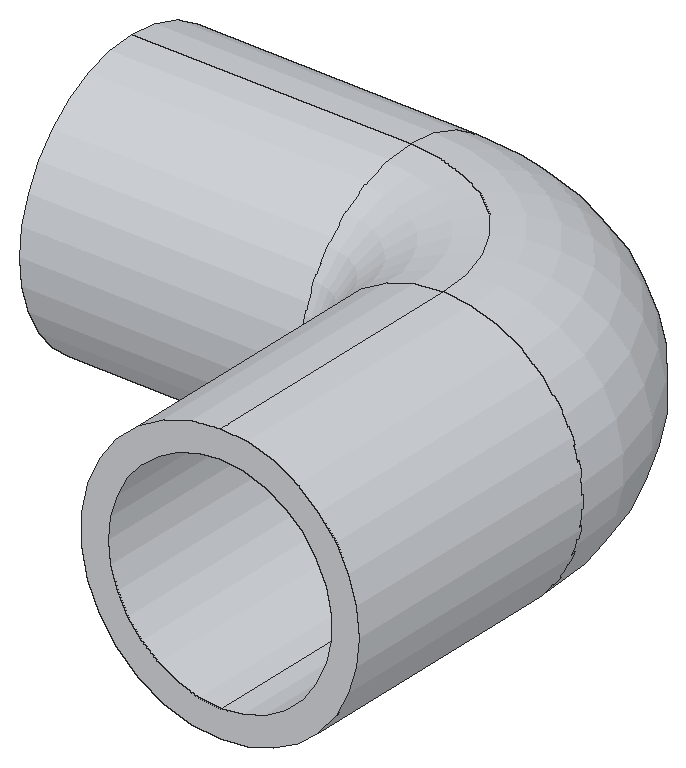
Revit family "SE1G", category Generic Models, Revit 2017
Family settings
  Can host rebar = No
  Round Connector Dimension = Use Diameter
  Part Type = Normal
  Work Plane-Based = Yes
  Always vertical = No
  Cut with Voids When Loaded = No
  Shared = No
  Room Calculation Point = No
Parameters (values of type "NBS Standard Parameters")
  Weight = "0.125Kg"
  WarrantyStartDate [instance] = "1900-12-31T23:59:59"
  WarrantyGuarantorParts = "n/a"
  WarrantyGuarantorLabor = "n/a"
  WarrantyDurationUnit = "1 year"
  WarrantyDurationParts = "n/a"
  WarrantyDurationLabor = "n/a"
  WarrantyDescription = "n/a"
  Version = "1"
  Uniclass2 = "Pr_65_70_11_20"
  TagNumber [instance] = "n/a"
  SustainabilityPerformance = "n/a"
  Size = "20mm"
  Shape = "Circular"
  SerialNumber [instance] = "n/a"
  Revision = "n/a"
  ReplacementCost = "n/a"
  ProductInformation = "www.metpro.co.uk/pdf/se1g.pdf"
  NominalWidth = 52 mm
  NominalLength = 52 mm
  NominalHeight = 25 mm
  Name = ""
  NBSTypeID = ""
  NBSReference = "90-55-10/460"
  NBSOfficeMasterTag = ""
  NBSNote = ""
  NBSDescription = "Conduit Fittings"
  NBSCertification = ""
  ModelReference = "SE1G"
  ModelNumber = "n/a"
  Material = "Steel"
  ManufacturerURL = "www.metpro.co.uk"
  ManufacturerName = "Metpro Ltd"
  Keynote = ""
  InstallationDate [instance] = ""
  IfcExportType = ""
  IfcExportAs = ""
  Grade = "n/a"
  Finish = "Galvanised"
  Features = "n/a"
  ExpectedLife = "n/a"
  DurationUnit = "year"
  Description = "SE1G - 20mm Conduit Solid Elbow"
  Default Elevation = 1219.2 mm
  Constituents = "n/a"
  Color = "n/a"
  CodePerformance = "n/a"
  Category = "n/a"
  BarCode [instance] = "n/a"
  BIMObjectName = "Metpro_Metprolibrary_Conduitfittings_metalcomponents_Steelaccessories"
  Author = "Metpro Ltd"
  AssetType = ""
  AssetIdentifier [instance] = "n/a"
  AccessibilityPerformance = "n/a"
Reference planes
  plane 1 "Center (Front/Back)": y = 0
  plane 2: z = 0
  plane 3 "Center (Left/Right)": x = 0
Forms (mm)
  Sweep 1, solid
    path origin (-110.3, 5143.68, 97.333) x (0, -1, 0) y (1, 0, 0)
      loop
        line (-9.701, -29.122) -> (-9.701, -4.122)
        arc (-9.701, -4.122) -> (-5.308, 6.485) -> (5.299, 10.878) r 15
        line (5.299, 10.878) -> (30.299, 10.878)
    profile origin (-126.922, 5153.381, 97.333) x (0, 1, 0) y (0, 0, 1)
      loop
        circle (0, 0) r 10
      loop
        circle (0, 0) r 12.476
Dimensions and locks
  aligned and locked: level to plane 2
